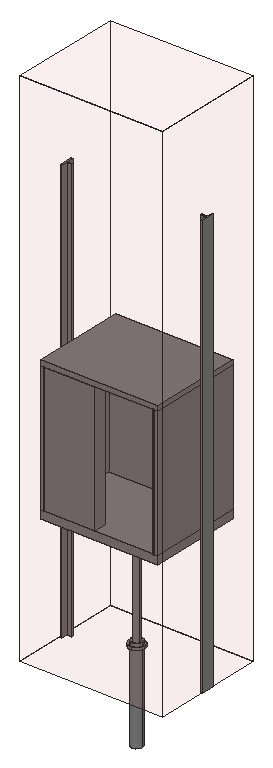
Revit family "Elevator_COM_NationwideLifts_Alliance-InGround", category Generic Models, Revit 2026
Family settings
  Can host rebar = No
  Round Connector Dimension = Use Diameter
  Part Type = Normal
  Classification Number = 23.50.05.11.14
  Work Plane-Based = Yes
  Always vertical = No
  Cut with Voids When Loaded = No
  Maintain Annotation Orientation = No
  Shared = No
  Room Calculation Point = No
Parameters
  Warranty Duration (Years) = 0
  Unit Width = 5' - 8"
  Unit Height [instance] = 6' - 8"
  Unit Depth = 4' - 3"
  URL = "http://www.elevators.com/"
  Stops [instance] = 0
  Standards Conformance = ""
  Specification = "http://www.arcat.com/sdspecs/htm04/14_20_00nwl.htm"
  SpecWizard = ""
  Show Finished Hoistway Clearance [instance] = yes
  Show Center of Door Detail [instance] = yes
  Send Message = ""
  Sales Information = "http://www.elevators.com/contact-info/"
  Revision = "R1_2016-05"
  Product Properties = ""
  Product Data = "http://www.arcat.com/arcatcos/cos49/arc49670.html"
  Pit Depth [instance] = 4' - 0"
  Overhead [instance] = 13' - 0"
  Overall Height [instance] = Height to Floor of Last Stop + Overhead  # 23' - 0"
  Opening Width = 7' - 4"
  Opening Depth = 5' - 10"
  Model = "As Specified"
  Manufacturer Website = "http://www.elevators.com/"
  Manufacturer Phone - Toll Free = "888-323-8755"
  Manufacturer Phone = ""
  Manufacturer Fax = ""
  Manufacturer Address = "10-B Holden Ave.  Queensbury, NY 12804"
  Manufacturer = "Nationwide Lifts, Inc."
  Maintenance Schedule (Months) = 0
  Lift Travel Speed = ""
  Lift Material [instance] = Metal - Steel
  Lift Height = 0' - 0"
  Keynote = "14 20 00"
  Installation-Fabrication = ""
  Installation Phase = ""
  Hoistway Wall Thickness [instance] = 0' - 0 1/2"
  Hoistway Clearance Material [instance] = ARCAT Clearance
  Height to Full Stroke Sheave [instance] = 17' - 9.338"
  Height to Floor of Last Stop [instance] = 10' - 0"
  Green Building-LEED = ""
  Gate on Right [instance] = yes
  Gate on Left [instance] = no
  Gate Centered and BiPart [instance] = no
  Expected Lifespan (Years) = 0
  Drawn By = "Sumex Design, Inc. / Robert S. Weygant, CSI, CDT, SCIP"
  Door Width = 3' - 0"
  Description = ""
  Default Elevation = 0' - 0"  # constant formula
  Cylinder Depth [instance] = 3' - 10"
  Copyright = "©Arcat Inc."
  Construction Details = ""
  Center of Rail = 2' - 4"
  Center of Door B = 0' - 0"
  Center of Door A = 2' - 11"
  Capacity = ""
  Cab Location [instance] = 3' - 0"
  Cab Exterior Material [instance] = Metal - Steel
  Cab Design = Cab_TypeCOMPassThru : Cab_TypeCOMPassThru
  Assembly Code = "D1010100"
  2 Speed Gate = yes
Reference planes (in)
  plane 1 "Center (Front/Back)": y = 0
  plane 2 "Bottom": z = 0
  plane 3 "Center (Left/Right)": x = 0
  plane 4 "Front": y = -35
  plane 5 "Back": y = 35
  plane 6 "Left": x = -44
  plane 7 "Right": x = 44
  plane 8 "Top": z = 276
  plane 9: z = -48
  plane 10: z = 36
  plane 11: z = -94
Forms (in)
  Extrusion 1, solid, material "ARCAT Clearance" <- "Hoistway Clearance Material", visible <- "Show Finished Hoistway Clearance"
    sketch origin (0, 0, 0) x (1, 0, 0) y (0, 1, 0)
      loop
        line (-44, 35) -> (-44, -35) -> (44, -35) -> (44, 35) -> (-44, 35)
    from -48 to 276
  Extrusion 2, solid, material "Metal - Steel" <- "Lift Material"
    sketch origin (0, 0, 0) x (1, 0, 0) y (0, 1, 0)
      loop
        line (-44, -4) -> (-43, -4) -> (-43, -0.5) -> (-40, -0.5) -> (-40, 0.5) -> (-43, 0.5) -> (-43, 4) -> (-44, 4) -> (-44, -4)
      loop
        line (44, -4) -> (44, 4) -> (43, 4) -> (43, 0.5) -> (40, 0.5) -> (40, -0.5) -> (43, -0.5) -> (43, -4) -> (44, -4)
    from -48 to 213.338 <- "Height to Full Stroke Sheave"
  Revolve 3, solid, material "Metal - Steel" <- "Lift Material"
    sketch origin (0, 0, 0) x (1, 0, 0) y (0, 0, 1)
      loop
        line (0, 31) -> (-2, 31) -> (-2, -36.25) -> (-3.5, -36.25) -> (-3.5, -37.75) -> (-4.75, -37.75) -> (-4.75, -39) -> (-3.5, -39) -> (-3.5, -94) -> (0, -94) -> (0, 31)
      axis (0, 31) -> (0, -94)
    angle from 0 to 360
Dimensions and locks (in)
  equal spacing: plane 6 "Left", plane 3 "Center (Left/Right)", plane 7 "Right"
  "Opening Width": plane 6 "Left" to plane 7 "Right"
  equal spacing: plane 5 "Back", plane 1 "Center (Front/Back)", plane 4 "Front"
  "Opening Depth": plane 5 "Back" to plane 4 "Front"
  "Overall Height": plane 8 "Top" to level
  "Pit Depth": level to plane 9
  "Cab Location": plane 10 to plane 2 "Bottom"
  Extrusion 2 sketch curve to Extrusion 2 sketch curve to Extrusion 2 sketch curve to plane 7 "Right" = 0' - 3" locked, 0' - 0" locked, 0' - 1" locked
  plane 6 "Left" to Extrusion 2 sketch curve to Extrusion 2 sketch curve to Extrusion 2 sketch curve = 0' - 1" locked, 0' - 0" locked, 0' - 3" locked
  locked: plane 10 to Revolve 3 sketch curve at 5
  "Cylinder Depth": plane 9 to plane 11
  aligned and locked: Extrusion 1 sketch curve to plane 4 "Front"
  aligned and locked: Extrusion 1 sketch curve to plane 7 "Right"
  aligned and locked: Extrusion 1 to plane 9
  aligned and locked: Extrusion 1 to plane 8 "Top"
  aligned and locked: Extrusion 1 to Extrusion 2
  aligned and locked: Revolve 3 sketch curve to plane 11
  aligned and locked: plane 3 "Center (Left/Right)" to nested 1
  aligned and locked: plane 1 "Center (Front/Back)" to nested 1
  aligned and locked: nested 1 to plane 10
Automatic sketch dimensions
  Extrusion 1 sketch curve to plane 6 "Left" = 0' - 0"
  Extrusion 1 sketch curve to plane 5 "Back" = 0' - 0"
  Extrusion 2 sketch curve to plane 6 "Left" = 0' - 0"
  Extrusion 2 sketch curve to plane 7 "Right" = 0' - 0"
  plane 1 "Center (Front/Back)" to Extrusion 2 sketch curve = 0' - 0 1/2"  (x2)
  Extrusion 2 sketch curve to plane 1 "Center (Front/Back)" = 0' - 0 1/2"  (x2)
  Extrusion 2 sketch curve to Extrusion 2 sketch curve = 0' - 3 1/2"  (x4)
  plane 3 "Center (Left/Right)" to Revolve 3 sketch curve = 0' - 0"
  Revolve 3 sketch curve to plane 3 "Center (Left/Right)" = 0' - 0"
  Revolve 3 sketch curve to plane 3 "Center (Left/Right)" = 0' - 2"
  Revolve 3 sketch curve to plane 3 "Center (Left/Right)" = 0' - 3 1/2"
  Revolve 3 sketch curve to Revolve 3 sketch curve = 0' - 0"
  Revolve 3 sketch curve to Revolve 3 sketch curve = 0' - 1 1/4"  (x2)
  Revolve 3 sketch curve to Revolve 3 sketch curve = 0' - 10"
  plane 9 to Revolve 3 sketch curve = 0' - 11 3/4"
  Revolve 3 sketch curve to Revolve 3 sketch curve = 0' - 1 1/2"
  Revolve 3 sketch curve to Revolve 3 sketch curve = 0' - 2 3/4"
Nested families (in)
  nested 1: "Cab_TypeCOMPassThru" at (0, 0, 36), Show Center of Door Location Detail <- "Show Center of Door Detail", Gate Right <- "Gate on Right", Gate Left <- "Gate on Left", Gate BiPart <- "Gate Centered and BiPart", cab exterior <- "Cab Exterior Material", Unit Width <- "Unit Width", Unit Height <- "Unit Height", Unit Depth <- "Unit Depth", Hoistway Width <- "Opening Width", Hoistway Depth <- "Opening Depth", Door Width <- "Door Width", 2 Speed <- "2 Speed Gate", type <- "Cab Design", type "Cab_TypeCOMPassThru"
    with panelwidthc 1' - 5", panelwidthb 1' - 4", panelwidth 3' - 0", doordetailright yes, doordetailleft no, doordetailcenter no, centerdoorBlocate 2' - 10", centerdoorAlocate 2' - 4", cab exterior Metal - Steel, Unit Width 5' - 8", Unit Height 6' - 8", Unit Depth 4' - 3", Space Between Gate and Hoistway 0' - 6", Show Center of Door Location Detail yes, Hoistway Width 7' - 4", Hoistway Wall Finish Thickness 0' - 0 1/2", Hoistway Depth 5' - 10", Gate Thickness 0' - 8", Gate Right yes, Gate Left no, Gate BiPart no, Door Width 3' - 0", Center of Rail 2' - 5", Center of Door B 2' - 10", Center of Door A 2' - 4", 2SpeedGateRight yes, 2SpeedGateLeft no, 2SpeedGateCenter no, 2 Speed yes, 1SpeedGateRight no, 1SpeedGateLeft no, 1SpeedGateCenter no
Definition of nested family "Cab_TypeCOMPassThru"
  Parameters
    panelwidthc [instance] = Door Width / 2 - 0' 1"  # 1' - 8"
    panelwidthb [instance] = Door Width / 2 - 0' 2"  # 1' - 7"
    panelwidth [instance] = Door Width  # 3' - 6"
    doordetailright [instance] = and(Gate Right, Show Center of Door Location Detail)  # yes
    doordetailleft [instance] = and(Gate Left, Show Center of Door Location Detail)  # yes
    doordetailcenter [instance] = and(Gate BiPart, Show Center of Door Location Detail)  # yes
    centerdoorBlocate [instance] = if(Center of Door B < 2' 0", 3' 0", Center of Door B)  # 2' - 10"
    centerdoorAlocate [instance] = if(Center of Door A < 2' 0", 3' 0", Center of Door A)  # 2' - 4"
    cab exterior [instance] = none
    Unit Width [instance] = 5' - 9 1/2"
    Unit Height [instance] = 6' - 8"
    Unit Depth [instance] = 4' - 3"
    Space Between Gate and Hoistway [instance] = 0' - 6"  # constant formula
    Show Center of Door Location Detail [instance] = yes
    Hoistway Width [instance] = 7' - 4"
    Hoistway Wall Finish Thickness [instance] = 0' - 0 1/2"
    Hoistway Depth [instance] = 5' - 10"
    Gate Thickness [instance] = 0' - 8"  # constant formula
    Gate Right [instance] = yes
    Gate Left [instance] = yes
    Gate BiPart [instance] = yes
    Default Elevation = 0' - 0"
    2 Speed [instance] = yes
    Door Width [instance] = 3' - 6"
    Center of Rail [instance] = 2' - 5"
    Center of Door B [instance] = 2' - 10"
    Center of Door A [instance] = 2' - 4"
    Assembly Code = ""
    2SpeedGateRight [instance] = and([2 Speed], Gate Right)  # yes
    2SpeedGateLeft [instance] = and([2 Speed], Gate Left)  # yes
    2SpeedGateCenter [instance] = and([2 Speed], Gate BiPart)  # yes
    1SpeedGateRight [instance] = and(not([2 Speed]), Gate Right)  # no
    1SpeedGateLeft [instance] = and(not([2 Speed]), Gate Left)  # no
    1SpeedGateCenter [instance] = and(not([2 Speed]), Gate BiPart)  # no
  Reference planes (in)
    plane 1 "Center (Front/Back)": y = 0
    plane 2: z = 0
    plane 3 "Center (Left/Right)": x = 0
    plane 4: y = 35
    plane 5: y = -35
    plane 6: x = -44
    plane 7: x = 44
    plane 8: y = -6
    plane 9: y = 21
    plane 10: y = -29
    plane 11: x = -34.75
    plane 12: x = 34.75
    plane 13: y = -21
    plane 14: x = 33.75
    plane 15: x = -33.75
    plane 16: y = 29
  Forms (in)
    Extrusion 1, solid, material <- "cab exterior"
      sketch origin (0, 0, 0) x (1, 0, 0) y (0, 1, 0)
        loop
          line (-34.75, -29) -> (-34.75, 29) -> (-36.75, 29) -> (-36.75, -29) -> (-34.75, -29)
        loop
          line (34.75, -29) -> (36.75, -29) -> (36.75, 29) -> (34.75, 29) -> (34.75, -29)
      from 0 to 80 <- "Unit Height"
    Extrusion 2, solid, material <- "cab exterior"
      sketch origin (0, 0, 0) x (1, 0, 0) y (0, 1, 0)
        loop
          line (-36.75, 29) -> (-36.75, -29) -> (36.75, -29) -> (36.75, 29) -> (-36.75, 29)
      from 0 to -5
    Extrusion 3, solid, material <- "cab exterior"
      sketch origin (0, 0, 80) x (1, 0, 0) y (0, 1, 0)
        loop
          line (-36.75, 29) -> (-36.75, -29) -> (36.75, -29) -> (36.75, 29) -> (-36.75, 29)
      from 0 to 3
    Extrusion 4, solid, material <- "cab exterior", visible <- "Gate Right"
      sketch origin (0, 0, 0) x (1, 0, 0) y (0, 1, 0)
        loop
          line (-34.75, -29) -> (-8.25, -29) -> (-8.25, -21) -> (-34.75, -21) -> (-34.75, -29)
        loop
          line (33.75, -21) -> (33.75, -29) -> (34.75, -29) -> (34.75, -21) -> (33.75, -21)
        loop
          line (-34.75, 29) -> (-34.75, 21) -> (-8.25, 21) -> (-8.25, 29) -> (-34.75, 29)
        loop
          line (34.75, 21) -> (34.75, 29) -> (33.75, 29) -> (33.75, 21) -> (34.75, 21)
      from 0 to 80 <- "Unit Height"
    Extrusion 5, solid, material <- "cab exterior", visible <- "Gate Left"
      sketch origin (0, 0, 0) x (-1, 0, 0) y (0, -1, 0)
        loop
          line (-34.75, 29) -> (-34.75, 21) -> (-8.25, 21) -> (-8.25, 29) -> (-34.75, 29)
        loop
          line (34.75, 21) -> (34.75, 29) -> (33.75, 29) -> (33.75, 21) -> (34.75, 21)
        loop
          line (34.75, -29) -> (34.75, -21) -> (33.75, -21) -> (33.75, -29) -> (34.75, -29)
        loop
          line (-34.75, -29) -> (-8.25, -29) -> (-8.25, -21) -> (-34.75, -21) -> (-34.75, -29)
      from 0 to 80 <- "Unit Height"
    Extrusion 6, solid, material <- "cab exterior", visible <- "Gate BiPart"
      sketch origin (0, 0, 0) x (1, 0, 0) y (0, 1, 0)
        loop
          line (-21, -29) -> (-21, -21) -> (-34.75, -21) -> (-34.75, -29) -> (-21, -29)
        loop
          line (21, -29) -> (34.75, -29) -> (34.75, -21) -> (21, -21) -> (21, -29)
        loop
          line (-34.75, 29) -> (-34.75, 21) -> (-21, 21) -> (-21, 29) -> (-34.75, 29)
        loop
          line (34.75, 21) -> (34.75, 29) -> (21, 29) -> (21, 21) -> (34.75, 21)
      from 0 to 80 <- "Unit Height"
  Dimensions and locks (in)
    equal spacing: plane 6, plane 3 "Center (Left/Right)", plane 7
    "Hoistway Width": plane 6 to plane 7
    equal spacing: plane 4, plane 1 "Center (Front/Back)", plane 5
    "Hoistway Depth": plane 4 to plane 5
    "Center of Rail": plane 8 to plane 5
    "Unit Width": plane 11 to plane 12
    "Gate Thickness": plane 13 to plane 10
    locked: plane 12 to Extrusion 2 sketch curve at 2
    locked: nested 2 to plane 10 at 0.5
    "Space Between Gate and Hoistway": plane 10 to plane 5
    locked: plane 12 to Extrusion 1 sketch curve at 2
    locked: Extrusion 1 sketch curve to plane 11 at 2
    locked: Extrusion 2 sketch curve to plane 11 at 2
    locked: Extrusion 3 sketch curve to plane 11 at 2
    locked: plane 12 to Extrusion 3 sketch curve at 2
    equal spacing: plane 11, plane 3 "Center (Left/Right)", plane 12
    locked: nested 3 to plane 10 at 0.5
    locked: nested 5 to plane 10 at 0.5
    locked: nested 4 to plane 10 at 0.5
    locked: nested 1 to plane 7 at 14
    locked: plane 11 to plane 15 at 1
    locked: plane 14 to plane 12 at 1
    "Door Width": Extrusion 4 sketch curve to plane 14  (x2)
    "Door Width": plane 15 to Extrusion 5 sketch curve  (x2)
    equal spacing: Extrusion 6 sketch curve, plane 3 "Center (Left/Right)", Extrusion 6 sketch curve  (x2)
    "Door Width": Extrusion 6 sketch curve to Extrusion 6 sketch curve  (x2)
    locked: plane 6 to nested 6 at 14
    locked: nested 9 to plane 10 at 0.5
    locked: nested 8 to plane 10 at 0.5
    locked: nested 11 to plane 10 at 0.5
    locked: nested 10 to plane 10 at 0.5
    "Space Between Gate and Hoistway": plane 4 to plane 16
    "Gate Thickness": plane 16 to plane 9
    locked: plane 16 to nested 17 at 0.5
    locked: plane 16 to nested 16 at 0.5
    locked: plane 16 to nested 13 at 0.5
    locked: plane 16 to nested 12 at 0.5
    locked: plane 16 to nested 19 at 0.5
    locked: plane 16 to nested 18 at 0.5
    locked: plane 16 to nested 15 at 0.5
    locked: plane 16 to nested 14 at 0.5
    locked: nested 20 to plane 7 at 14
    locked: plane 6 to nested 21 at 14
    aligned and locked: plane 2 to level
    aligned and locked: plane 11 to Extrusion 1 sketch curve
    aligned and locked: plane 10 to Extrusion 1 sketch curve
    aligned and locked: plane 12 to Extrusion 1 sketch curve
    aligned and locked: Extrusion 2 sketch curve to plane 10
    aligned and locked: Extrusion 1 sketch curve to plane 10
    aligned and locked: plane 5 to nested 1
    aligned and locked: Extrusion 4 sketch curve to plane 11  (x2)
    aligned and locked: plane 13 to Extrusion 4 sketch curve
    aligned and locked: Extrusion 4 sketch curve to plane 10
    aligned and locked: nested 3 to plane 11
    aligned and locked: Extrusion 5 sketch curve to plane 13  (x2)
    aligned and locked: Extrusion 5 sketch curve to plane 10
    aligned and locked: Extrusion 5 sketch curve to plane 12  (x2)
    aligned and locked: plane 3 "Center (Left/Right)" to nested 4
    aligned and locked: plane 3 "Center (Left/Right)" to nested 5
    aligned and locked: Extrusion 6 sketch curve to plane 13
    aligned and locked: plane 13 to Extrusion 6 sketch curve
    aligned and locked: Extrusion 6 sketch curve to plane 11  (x2)
    aligned and locked: Extrusion 6 sketch curve to plane 10  (x2)
    aligned and locked: Extrusion 6 sketch curve to plane 12  (x2)
    aligned and locked: Extrusion 4 sketch curve to plane 14
    aligned and locked: plane 10 to Extrusion 4 sketch curve
    aligned and locked: Extrusion 4 sketch curve to plane 13
    aligned and locked: plane 12 to Extrusion 4 sketch curve
    aligned and locked: Extrusion 5 sketch curve to plane 15
    aligned and locked: plane 11 to Extrusion 5 sketch curve
    aligned and locked: plane 10 to Extrusion 5 sketch curve
    aligned and locked: nested 7 to plane 3 "Center (Left/Right)"
    aligned and locked: nested 9 to plane 11
    aligned and locked: nested 8 to plane 12
    aligned and locked: nested 2 to plane 12
    aligned and locked: plane 3 "Center (Left/Right)" to nested 10
    aligned and locked: plane 3 "Center (Left/Right)" to nested 11
    aligned and locked: plane 16 to Extrusion 1 sketch curve  (x2)
    aligned and locked: plane 16 to Extrusion 2 sketch curve
    aligned and locked: plane 16 to Extrusion 3 sketch curve
    aligned and locked: Extrusion 4 sketch curve to plane 9  (x2)
    aligned and locked: plane 16 to Extrusion 4 sketch curve
    aligned and locked: Extrusion 4 sketch curve to plane 16
    aligned and locked: Extrusion 4 sketch curve to plane 12
    aligned and locked: plane 14 to Extrusion 4 sketch curve
    aligned and locked: Extrusion 6 sketch curve to plane 9  (x2)
    aligned and locked: plane 16 to Extrusion 6 sketch curve
    aligned and locked: Extrusion 6 sketch curve to plane 16
    aligned and locked: plane 16 to Extrusion 5 sketch curve  (x2)
    aligned and locked: Extrusion 5 sketch curve to plane 9  (x2)
    aligned and locked: plane 15 to Extrusion 5 sketch curve
    aligned and locked: Extrusion 5 sketch curve to plane 11
    aligned and locked: plane 4 to nested 20
    aligned and locked: nested 21 to plane 4
    aligned and locked: plane 3 "Center (Left/Right)" to nested 22
    aligned and locked: nested 22 to plane 4
    aligned and locked: plane 12 to nested 16
    aligned and locked: plane 12 to nested 12
    aligned and locked: nested 19 to plane 3 "Center (Left/Right)"
    aligned and locked: nested 18 to plane 3 "Center (Left/Right)"
    aligned and locked: nested 15 to plane 3 "Center (Left/Right)"
    aligned and locked: nested 14 to plane 3 "Center (Left/Right)"
    aligned and locked: plane 11 to nested 17
    aligned and locked: plane 11 to nested 13
  Automatic sketch dimensions
    Extrusion 3 sketch curve to Extrusion 1 = 0' - 0"
  Nested families (in)
    nested 1: "DoorLocation" at (9, -41, 0), visible <- "doordetailright", width <- "Door Width", type "asSpecified"
      with width 3' - 6"
    nested 2: "Sliding1Door" at (-7.25, -28.5, 0), visible <- "1SpeedGateRight", Door Width <- "panelwidth", type "Sliding1Door"
      with doorpanelwidth 3' - 8", Door Width 3' - 6"
    nested 3: "Sliding1Door" at (7.25, -28.5, 0) x (-1, 0, 0) z (0, 0, 1), visible <- "1SpeedGateLeft", Door Width <- "panelwidth", type "Sliding1Door"
      with doorpanelwidth 3' - 8", Door Width 3' - 6"
    nested 4: "Sliding1Door" at (2, -28.5, 0), visible <- "1SpeedGateCenter", Door Width <- "panelwidthb", type "Sliding1Door"
      with doorpanelwidth 1' - 9", Door Width 1' - 7"
    nested 5: "Sliding1Door" at (-2, -28.5, 0) x (-1, 0, 0) z (0, 0, 1), visible <- "1SpeedGateCenter", Door Width <- "panelwidthb", type "Sliding1Door"
      with doorpanelwidth 1' - 9", Door Width 1' - 7"
    nested 6: "DoorLocation" at (-9, -41, 0) x (-1, 0, 0) z (0, 0, 1), visible <- "doordetailleft", width <- "Door Width", type "asSpecified"
      with width 3' - 6"
    nested 7: "DoorLocation" at (0, -41, 0) x (-1, 0, 0) z (0, 0, 1), visible <- "doordetailcenter", width <- "Door Width", type "asSpecified"
      with width 3' - 6"
    nested 8: "Sliding2Door" at (-7.25, -28.5, 0), visible <- "2SpeedGateRight", Door Width <- "Door Width", type "Sliding2Door"
      with doorpanelwidth 1' - 10", Door Width 3' - 6"
    nested 9: "Sliding2Door" at (7.25, -28.5, 0) x (-1, 0, 0) z (0, 0, 1), visible <- "2SpeedGateLeft", Door Width <- "Door Width", type "Sliding2Door"
      with doorpanelwidth 1' - 10", Door Width 3' - 6"
    nested 10: "Sliding2Door" at (1, -28.5, 0), visible <- "2SpeedGateCenter", Door Width <- "panelwidthc", type "Sliding2Door"
      with doorpanelwidth 0' - 11", Door Width 1' - 8"
    nested 11: "Sliding2Door" at (-1, -28.5, 0) x (-1, 0, 0) z (0, 0, 1), visible <- "2SpeedGateCenter", Door Width <- "panelwidthc", type "Sliding2Door"
      with doorpanelwidth 0' - 11", Door Width 1' - 8"
    nested 12: "Sliding1Door" at (-7.25, 28.5, 0), visible <- "1SpeedGateRight", Door Width <- "panelwidth", type "Sliding1Door"
      with doorpanelwidth 3' - 8", Door Width 3' - 6"
    nested 13: "Sliding1Door" at (7.25, 28.5, 0) x (-1, 0, 0) z (0, 0, 1), visible <- "1SpeedGateLeft", Door Width <- "panelwidth", type "Sliding1Door"
      with doorpanelwidth 3' - 8", Door Width 3' - 6"
    nested 14: "Sliding1Door" at (2, 28.5, 0), visible <- "1SpeedGateCenter", Door Width <- "panelwidthb", type "Sliding1Door"
      with doorpanelwidth 1' - 9", Door Width 1' - 7"
    nested 15: "Sliding1Door" at (-2, 28.5, 0) x (-1, 0, 0) z (0, 0, 1), visible <- "1SpeedGateCenter", Door Width <- "panelwidthb", type "Sliding1Door"
      with doorpanelwidth 1' - 9", Door Width 1' - 7"
    nested 16: "Sliding2Door" at (-7.25, 28.5, 0), visible <- "2SpeedGateRight", Door Width <- "Door Width", type "Sliding2Door"
      with doorpanelwidth 1' - 10", Door Width 3' - 6"
    nested 17: "Sliding2Door" at (7.25, 28.5, 0) x (-1, 0, 0) z (0, 0, 1), visible <- "2SpeedGateLeft", Door Width <- "Door Width", type "Sliding2Door"
      with doorpanelwidth 1' - 10", Door Width 3' - 6"
    nested 18: "Sliding2Door" at (1, 28.5, 0), visible <- "2SpeedGateCenter", Door Width <- "panelwidthc", type "Sliding2Door"
      with doorpanelwidth 0' - 11", Door Width 1' - 8"
    nested 19: "Sliding2Door" at (-1, 28.5, 0) x (-1, 0, 0) z (0, 0, 1), visible <- "2SpeedGateCenter", Door Width <- "panelwidthc", type "Sliding2Door"
      with doorpanelwidth 0' - 11", Door Width 1' - 8"
    nested 20: "DoorLocation" at (9, 41, 0), visible <- "doordetailright", width <- "Door Width", type "asSpecified"
      with width 3' - 6"
    nested 21: "DoorLocation" at (-9, 41, 0) x (-1, 0, 0) z (0, 0, 1), visible <- "doordetailleft", width <- "Door Width", type "asSpecified"
      with width 3' - 6"
    nested 22: "DoorLocation" at (0, 41, 0) x (-1, 0, 0) z (0, 0, 1), visible <- "doordetailcenter", width <- "Door Width", type "asSpecified"
      with width 3' - 6"
  Definition of nested family "DoorLocation"
    Parameters
      width [instance] = 3' - 0"
      Assembly Code = ""
    Reference planes (in)
      plane 1 "Center (Front/Back)": y = 0
      plane 2: z = 0
      plane 3 "Center (Left/Right)": x = 0
      plane 4: x = -18
      plane 5: x = 18
    Lines and regions (in)
      detail lines, in view "Ref. Level"
        curve 1: line (-18, -6, 0) -> (-18, 0, 0)
        curve 2: line (-18, 0, 0) -> (18, 0, 0)
        curve 3: line (18, 0, 0) -> (18, -6, 0)
        curve 4: line (18, -6, 0) -> (-18, -6, 0)
        curve 5: line (0, 0, 0) -> (0, -6, 0)
        curve 6: line (0, 0, 0) -> (-0.35355, -0.35355, 0)
        curve 7: line (0, 0, 0) -> (0.35355, -0.35355, 0)
        curve 8: line (0, -6, 0) -> (0.35355, -5.64645, 0)
        curve 9: line (0, -6, 0) -> (-0.35355, -5.64645, 0)
    Dimensions and locks (in)
      equal spacing: plane 4, plane 3 "Center (Left/Right)", plane 5
      "width": plane 4 to plane 5
      aligned and locked: plane 5 to curve 3
      aligned and locked: curve 1 to plane 4
    Automatic sketch dimensions
      plane 1 "Center (Front/Back)" to curve 1 = 0' - 0"
      curve 7 to plane 3 "Center (Left/Right)" = 0' - 0"
      curve 9 to plane 3 "Center (Left/Right)" = 0' - 0.35355"
      curve 6 to plane 3 "Center (Left/Right)" = 0' - 0.35355"
      plane 3 "Center (Left/Right)" to curve 7 = 0' - 0.35355"
      plane 3 "Center (Left/Right)" to curve 8 = 0' - 0.35355"
      plane 1 "Center (Front/Back)" to curve 6 = 0' - 0.35355"
      curve 8 to curve 7 = 0' - 5.29289"
      curve 9 to curve 8 = 0' - 0"
  Definition of nested family "Sliding1Door"
    Parameters
      doorpanelwidth [instance] = (Door Width + 0' 1" + 0' 1")  # 2' - 10"
      Door Width [instance] = 2' - 8"
      Assembly Code = ""
    Reference planes (in)
      plane 1 "Center (Front/Back)": y = 0
      plane 2: z = 0
      plane 3 "Center (Left/Right)": x = 0
      plane 4: x = 32
      plane 5: x = -1
      plane 6: x = -2
      plane 7: x = -1
      plane 8: x = 16
    Lines and regions (in)
      detail lines, in view "Ref. Level"
        curve 1: line (31.75, 0, 0) -> (-1.75, 0, 0)
        curve 2: line (-2, 0.25, 0) -> (-2, 1.3125, 0)
        curve 3: line (-1.75, 1.5625, 0) -> (31.75, 1.5625, 0)
        curve 4: line (32, 1.3125, 0) -> (32, 0.25, 0)
        curve 5: arc (31.75, 1.5625, 0) -> (31.92678, 1.48928, 0) -> (32, 1.3125, 0) r 0.25
        curve 6: arc (32, 0.25, 0) -> (31.92678, 0.07322, 0) -> (31.75, 0, 0) r 0.25
        curve 7: arc (-1.75, 1.5625, 0) -> (-1.92678, 1.48928, 0) -> (-2, 1.3125, 0) r 0.25
        curve 8: arc (-2, 0.25, 0) -> (-1.92678, 0.07322, 0) -> (-1.75, 0, 0) r 0.25
        curve 9: line (32, 3.5, 0) -> (32, 1.6875, 0)
        curve 10: line (32, 1.6875, 0) -> (31.5, 1.6875, 0)
        curve 11: line (31.5, 1.6875, 0) -> (31.5, 3.5, 0)
        curve 12: line (31.5, 3.5, 0) -> (32, 3.5, 0)
    Dimensions and locks (in)
      locked: plane 5 to plane 3 "Center (Left/Right)" at 1
      "Door Width": plane 3 "Center (Left/Right)" to plane 4
      "doorpanelwidth": plane 6 to plane 4
      locked: plane 6 to plane 7 at 1
      equal spacing: plane 3 "Center (Left/Right)", plane 8, plane 4
      aligned and locked: plane 6 to curve 2
      aligned and locked: curve 4 to plane 4
    Automatic sketch dimensions
      plane 1 "Center (Front/Back)" to curve 1 = 0' - 0"
      curve 9 to plane 4 = 0' - 0"
      plane 6 to curve 7 = 0' - 0 1/4"
      plane 6 to curve 1 = 0' - 0 1/4"
      curve 3 to plane 4 = 0' - 0 1/4"
      curve 6 to plane 4 = 0' - 0 1/4"
      curve 4 to curve 4 = 0' - 1 1/16"
      curve 3 to curve 10 = 0' - 0 1/8"
      curve 12 to curve 9 = 0' - 0 1/2"
      curve 10 to curve 11 = 0' - 1 13/16"
  Definition of nested family "Sliding2Door"
    Parameters
      doorpanelwidth [instance] = (Door Width + 0' 1" + 0' 1") / 2  # 1' - 5"
      Door Width [instance] = 2' - 8"
      Assembly Code = ""
    Reference planes (in)
      plane 1 "Center (Front/Back)": y = 0
      plane 2: z = 0
      plane 3 "Center (Left/Right)": x = 0
      plane 4: x = 32
      plane 5: x = -1
      plane 6: x = 15
      plane 7: x = 16
      plane 8: x = 16
    Lines and regions (in)
      detail lines, in view "Ref. Level"
        curve 1: line (31.75, 0, 0) -> (15.25, 0, 0)
        curve 2: line (15, 0.25, 0) -> (15, 1.3125, 0)
        curve 3: line (15.25, 1.5625, 0) -> (31.75, 1.5625, 0)
        curve 4: line (32, 1.3125, 0) -> (32, 0.25, 0)
        curve 5: arc (31.75, 1.5625, 0) -> (31.92678, 1.48928, 0) -> (32, 1.3125, 0) r 0.25
        curve 6: arc (32, 0.25, 0) -> (31.92678, 0.07322, 0) -> (31.75, 0, 0) r 0.25
        curve 7: arc (15.25, 1.5625, 0) -> (15.07322, 1.48928, 0) -> (15, 1.3125, 0) r 0.25
        curve 8: arc (15, 0.25, 0) -> (15.07322, 0.07322, 0) -> (15.25, 0, 0) r 0.25
        curve 9: line (15.75, 1.6875, 0) -> (-0.75, 1.6875, 0)
        curve 10: line (-1, 1.9375, 0) -> (-1, 3, 0)
        curve 11: line (-0.75, 3.25, 0) -> (15.75, 3.25, 0)
        curve 12: line (16, 3, 0) -> (16, 1.9375, 0)
        curve 13: arc (15.75, 3.25, 0) -> (15.92678, 3.17678, 0) -> (16, 3, 0) r 0.25
        curve 14: arc (16, 1.9375, 0) -> (15.92678, 1.76072, 0) -> (15.75, 1.6875, 0) r 0.25
        curve 15: arc (-0.75, 3.25, 0) -> (-0.92678, 3.17678, 0) -> (-1, 3, 0) r 0.25
        curve 16: arc (-1, 1.9375, 0) -> (-0.92678, 1.76072, 0) -> (-0.75, 1.6875, 0) r 0.25
        curve 17: line (32, 3.5, 0) -> (32, 1.6875, 0)
        curve 18: line (32, 1.6875, 0) -> (31.5, 1.6875, 0)
        curve 19: line (31.5, 1.6875, 0) -> (31.5, 3.5, 0)
        curve 20: line (16, 2.5625, 0) -> (31.5, 2.5625, 0)
        curve 21: line (16, 2.3125, 0) -> (31.5, 2.3125, 0)
        curve 22: line (-1, 0.89063, 0) -> (15, 0.89063, 0)
        curve 23: line (15, 0.64063, 0) -> (-1, 0.64063, 0)
        curve 24: line (-1, 0.89063, 0) -> (-1, 0.64063, 0)
        curve 25: line (31.5, 3.5, 0) -> (32, 3.5, 0)
    Dimensions and locks (in)
      locked: plane 5 to plane 3 "Center (Left/Right)" at 1
      "Door Width": plane 3 "Center (Left/Right)" to plane 4
      "doorpanelwidth": plane 6 to plane 4
      locked: plane 6 to plane 7 at 1
      equal spacing: plane 3 "Center (Left/Right)", plane 8, plane 4
      aligned and locked: plane 6 to curve 2
      aligned and locked: curve 12 to plane 7
      aligned and locked: curve 4 to plane 4
      aligned and locked: plane 5 to curve 22
      aligned and locked: plane 6 to curve 22
      aligned and locked: plane 5 to curve 23
      aligned and locked: plane 5 to curve 10
    Automatic sketch dimensions
      plane 1 "Center (Front/Back)" to curve 1 = 0' - 0"
      curve 17 to plane 4 = 0' - 0"
      plane 5 to curve 16 = 0' - 0 1/4"
      plane 5 to curve 11 = 0' - 0 1/4"
      plane 6 to curve 7 = 0' - 0 1/4"
      plane 6 to curve 1 = 0' - 0 1/4"
      curve 13 to plane 7 = 0' - 0 1/4"
      curve 14 to plane 7 = 0' - 0 1/4"
      curve 20 to plane 4 = 0' - 0 1/2"
      curve 3 to plane 4 = 0' - 0 1/4"
      curve 6 to plane 4 = 0' - 0 1/4"
      curve 2 to curve 23 = 0' - 0 25/64"
      curve 23 to curve 24 = 0' - 0 1/4"
      curve 4 to curve 4 = 0' - 1 1/16"
      curve 3 to curve 18 = 0' - 0 1/8"
      curve 12 to curve 21 = 0' - 0 3/8"
      curve 21 to curve 20 = 0' - 0 1/4"
      curve 20 to curve 12 = 0' - 0 7/16"
      curve 20 to curve 17 = 0' - 0 15/16"
      curve 7 to curve 9 = 0' - 0 1/8"
